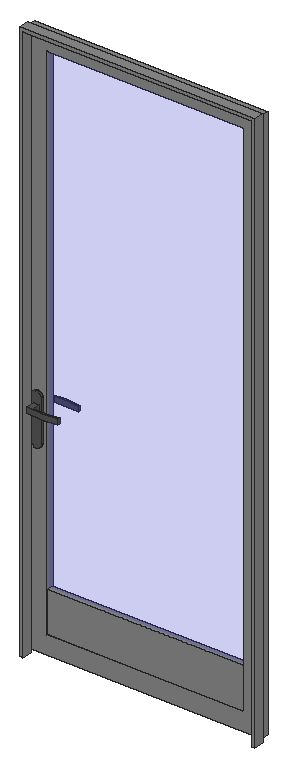
Revit family "Door_Swing Door_The Sliding Door Company_Single Door_Without Casing", category Doors, host Wall, Revit 2019
Family settings
  Host = Wall
  OmniClass Number = 23.30.10.00
  OmniClass Title = Doors
  Always vertical = Yes
  Cut with Voids When Loaded = No
  Shared = No
  Room Calculation Point = No
Parameters (values of type "Single Swing Door without Casing")
  URL = "https://www.slidingdoorco.com"
  Thickness = 1 1/4"  # constant formula
  Top Side Gap = 1/4"  # constant formula
  Swing Angle [instance] = 90.00°
  Stile/Rail = 3"  # constant formula
  Stile, Rail, Door Stop & Kickplate Material [instance] = TSDC - Powder Coat Charcoal Gray
  Round Designer Handle Finish [instance] = TSDC - Handle Black
  Round Designer Handle 12" = not(Lever Set)  # no
  Panel Width = Width - 3/8"  # 39 5/8"
  Panel Height = Height - 7/8"  # 95 1/8"
  Opening Clearance Height = Height - 1" / 2  # 95 1/2"
  Opening Clearance Width = Width - 5" / 8 - 1 7/8"  # 37 1/2"
  Model = "Swing Door without Door Casing"  # constant formula
  Maximum Door Panel Width = "40 inches"  # constant formula
  Maximum Door Panel Height = "108 inches"  # constant formula
  Maximum Door Swing = "120 degress"  # constant formula
  Manufacturer = "The Sliding Door Company"  # constant formula
  Lever Set = yes
  Kickplate = yes
  Lever Handle Finish [instance] = TSDC - Handle Black
  Hinge Side Gap = 1/4"  # constant formula
  Handle Side Gap = 1/8"  # constant formula
  Glass Material [instance] = TSDC - Clear Glass
  Function = Interior
  Frame Projection Ext. = 1"
  Frame Projection Int. = 1"
  Frame Width = 3"
  Height = if(Finished Opening Height > 108 7/8", 108 7/8", Finished Opening Height)  # 96"
  Wall Closure = By host
  Width = if(Finished Opening Width > 40 3/8", 40 3/8", Finished Opening Width)  # 40"
  Fire Rating = "N/A"  # constant formula
  Finished Opening Width = 40"
  Finished Opening Height = 96"
  Description = "Swing Door without Door Casing"  # constant formula
  Contact Information = "https://www.slidingdoorco.com/contact"
  ADA Opening Clearance = "Minimum of 32 inches Opening Clearance"  # constant formula
  Bottom Side Gap = 5/8"  # constant formula
Reference planes (in)
  plane 1 "Center (Front/Back)": y = 0
  plane 2 "Center (Left/Right)": x = 0
  plane 3 "Left": x = -20
  plane 4 "Right": x = 20
  plane 5 "Top": z = 96
  plane 6 "Exterior": y = 3
  plane 7 "Interior": y = -3
  plane 8 "hinge": x = 19.75
  plane 9 "handle": x = -19.875
  plane 10 "top side": z = 95.75
  plane 11 "bottom side": z = 0.625
  plane 12: x = -19.375
  plane 13: x = 18.125
  plane 14: y = 1.375
  plane 15: y = 2.625
  plane 16: z = 36
  plane 17: z = 38
  plane 18: z = 10.625
Forms (in)
  Extrusion 1, solid, material "TSDC - Powder Coat Charcoal Gray" <- "Stile, Rail, Door Stop & Kickplate Material"
    sketch origin (0, 0, 0) x (1, 0, 0) y (0, 0, 1)
      loop
        line (19.75, 95.75) -> (-19.875, 95.75) -> (-19.875, 0.625) -> (19.75, 0.625) -> (19.75, 95.75)
      loop
        line (16.75, 92.75) -> (-16.875, 92.75) -> (-16.875, 3.625) -> (16.75, 3.625) -> (16.75, 92.75)
    from -2.625 to -1.375
  Extrusion 2, solid, material "TSDC - Clear Glass" <- "Glass Material"
    sketch origin (0, 0, 0) x (1, 0, 0) y (0, 0, 1)
      loop
        line (16.75, 92.75) -> (-16.875, 92.75) -> (-16.875, 3.625) -> (16.75, 3.625) -> (16.75, 92.75)
    from -2.125 to -1.9023437
  Sweep 3, solid, not visible
    path origin (0, 0, 0) x (1, 0, 0) y (0, 0, 1)
      loop
        line (-20, 0) -> (-20, 108) -> (16.125, 108) -> (16.125, 0)
    profile origin (-20, 0, 54) x (-1, 0, 0) y (0, -1, 0)
      loop
        line (-0.4350682, -0.2853449) -> (-0.3716442, -0.3219628) -> (-0.3261896, -0.2957196) -> (-0.2788586, -0.3103573) -> (0, -0.3103573) -> (0, 0.9818302) -> (-0.274122, 0.9818302) -> (-0.3244755, 0.9662578) -> (-0.3779955, 0.9923612) -> (-0.4376557, 0.9579164)
        arc (-0.4376557, 0.9579164) -> (-0.4452512, 0.9295695) -> (-0.4169043, 0.921974) r 0.0207514
        line (-0.4169043, 0.921974) -> (-0.3760036, 0.945588) -> (-0.3150881, 0.9104184) -> (-0.2694227, 0.9367833) -> (-0.079, 0.9367833) -> (-0.079, -0.2672636) -> (-0.2694227, -0.2672636) -> (-0.3150881, -0.2408986) -> (-0.3750271, -0.2755044) -> (-0.4157969, -0.2519659)
        arc (-0.4157969, -0.2519659) -> (-0.442122, -0.2590197) -> (-0.4350682, -0.2853449) r 0.0192714
      loop
        arc (-0.3932442, -0.6690036) -> (-0.2465, -0.7110937) -> (-0.0997558, -0.6690036) r 0.2768517
        line (-0.0997558, -0.6690036) -> (-0.0917465, -0.5659293) -> (-0.2465, -0.5190055) -> (-0.4012535, -0.5659293) -> (-0.3932442, -0.6690036)
      loop
        line (-0.3245894, 0.9760109) -> (-0.2695482, 0.9955489) -> (0, 0.9955489) -> (0, 1.0467364) -> (-0.512, 1.0467364) -> (-0.512, -0.4532636) -> (-0.325, -0.4532636) -> (-0.325, -0.4181698) -> (-0.394, -0.4181698) -> (-0.394, -0.3694042) -> (-0.099, -0.3694042) -> (-0.099, -0.4181698) -> (-0.168, -0.4181698) -> (-0.168, -0.4532636) -> (0, -0.4532636) -> (0, -0.3182167) -> (-0.2819282, -0.3182167) -> (-0.3251091, -0.3048624) -> (-0.3657274, -0.3302167) -> (-0.457, -0.3302167) -> (-0.457, 1.0016896) -> (-0.3657275, 1.0016896) -> (-0.3245894, 0.9760109)
      loop
        line (-0.0665, -0.6928078) -> (-0.0546726, -0.5405971) -> (-0.1979034, -0.4971673) -> (-0.1979034, -0.411631) -> (-0.1274176, -0.411631) -> (-0.1274176, -0.3790309) -> (-0.3655824, -0.3790309) -> (-0.3655824, -0.411631) -> (-0.2950966, -0.411631) -> (-0.2950966, -0.4971673) -> (-0.4383274, -0.5405971) -> (-0.4265, -0.6928078)
        arc (-0.4265, -0.6928078) -> (-0.3630851, -0.7351291) -> (-0.2883072, -0.7499888) r 0.1955799
        line (-0.2883072, -0.7499888) -> (-0.2047666, -0.7499888)
        arc (-0.2047666, -0.7499888) -> (-0.1299546, -0.7351296) -> (-0.0665, -0.6928078) r 0.1957584
  Sweep 4, solid, not visible
    path origin (2, 0, 0) x (1, 0, 0) y (0, 0, 1)
      loop
        line (-20, 0) -> (-20, 96) -> (16, 96) -> (16, 0)
    profile origin (-18, 0, 48) x (-1, 0, 0) y (0, -1, 0)
      loop
        line (-0.4350682, -0.2853449) -> (-0.3716442, -0.3219628) -> (-0.3261896, -0.2957196) -> (-0.2788586, -0.3103573) -> (0, -0.3103573) -> (0, 0.9818302) -> (-0.274122, 0.9818302) -> (-0.3244755, 0.9662578) -> (-0.3779955, 0.9923612) -> (-0.4376557, 0.9579164)
        arc (-0.4376557, 0.9579164) -> (-0.4452512, 0.9295695) -> (-0.4169043, 0.921974) r 0.0207514
        line (-0.4169043, 0.921974) -> (-0.3760036, 0.945588) -> (-0.3150881, 0.9104184) -> (-0.2694227, 0.9367833) -> (-0.079, 0.9367833) -> (-0.079, -0.2672636) -> (-0.2694227, -0.2672636) -> (-0.3150881, -0.2408986) -> (-0.3750271, -0.2755044) -> (-0.4157969, -0.2519659)
        arc (-0.4157969, -0.2519659) -> (-0.442122, -0.2590197) -> (-0.4350682, -0.2853449) r 0.0192714
      loop
        arc (-0.3932442, -0.6690036) -> (-0.2465, -0.7110937) -> (-0.0997558, -0.6690036) r 0.2768517
        line (-0.0997558, -0.6690036) -> (-0.0917465, -0.5659293) -> (-0.2465, -0.5190055) -> (-0.4012535, -0.5659293) -> (-0.3932442, -0.6690036)
      loop
        line (-0.3245894, 0.9760109) -> (-0.2695482, 0.9955489) -> (0, 0.9955489) -> (0, 1.0467364) -> (-0.512, 1.0467364) -> (-0.512, -0.4532636) -> (-0.325, -0.4532636) -> (-0.325, -0.4181698) -> (-0.394, -0.4181698) -> (-0.394, -0.3694042) -> (-0.099, -0.3694042) -> (-0.099, -0.4181698) -> (-0.168, -0.4181698) -> (-0.168, -0.4532636) -> (0, -0.4532636) -> (0, -0.3182167) -> (-0.2819282, -0.3182167) -> (-0.3251091, -0.3048624) -> (-0.3657274, -0.3302167) -> (-0.457, -0.3302167) -> (-0.457, 1.0016896) -> (-0.3657275, 1.0016896) -> (-0.3245894, 0.9760109)
      loop
        line (-0.0665, -0.6928078) -> (-0.0546726, -0.5405971) -> (-0.1979034, -0.4971673) -> (-0.1979034, -0.411631) -> (-0.1274176, -0.411631) -> (-0.1274176, -0.3790309) -> (-0.3655824, -0.3790309) -> (-0.3655824, -0.411631) -> (-0.2950966, -0.411631) -> (-0.2950966, -0.4971673) -> (-0.4383274, -0.5405971) -> (-0.4265, -0.6928078)
        arc (-0.4265, -0.6928078) -> (-0.3630851, -0.7351291) -> (-0.2883072, -0.7499888) r 0.1955799
        line (-0.2883072, -0.7499888) -> (-0.2047666, -0.7499888)
        arc (-0.2047666, -0.7499888) -> (-0.1299546, -0.7351296) -> (-0.0665, -0.6928078) r 0.1957584
  Extrusion 5, solid, material "TSDC - Powder Coat Charcoal Gray" <- "Stile, Rail, Door Stop & Kickplate Material"
    sketch origin (0, 0, 0) x (1, 0, 0) y (0, 0, 1)
      loop
        line (-20, 96) -> (-20, 0) -> (-19.5, 0) -> (-19.5, 95.5) -> (19.5, 95.5) -> (19.5, 0) -> (20, 0) -> (20, 96) -> (-20, 96)
    from -1.375 to 0.375
  Extrusion 6, solid, not visible
    sketch origin (0, -1.25, 0) x (1, 0, 0) y (0, 1, 0)
      loop
        line (-18.6875, 2.625) -> (-18.6875, 0.8125)
        arc (-18.6875, 0.8125) -> (-18.375, 1.125) -> (-18.0625, 0.8125) r 0.3125
        line (-18.0625, 0.8125) -> (-18.0625, 2.625) -> (-18.6875, 2.625)
    from 1 to 1.75
  Extrusion 7, solid, not visible
    sketch origin (0, -1.25, 0) x (1, 0, 0) y (0, 1, 0)
      loop
        line (-18.6875, 2.625) -> (-18.6875, 0.8125)
        arc (-18.6875, 0.8125) -> (-18.375, 1.125) -> (-18.0625, 0.8125) r 0.3125
        line (-18.0625, 0.8125) -> (-18.0625, 2.625) -> (-18.6875, 2.625)
    from 10.25 to 11
  Extrusion 8, solid, not visible
    sketch origin (0, 0.0841657, 0) x (1, 0, 0) y (0, 1, 0)
      loop
        circle (-18.3735619, -0.521669) r 0.3125
    from 0 to 12
  Extrusion 9, solid, material "TSDC - Powder Coat Charcoal Gray" <- "Stile, Rail, Door Stop & Kickplate Material", visible <- "Kickplate"
    sketch origin (0, 0, 0) x (1, 0, 0) y (0, 1, 0)
      loop
        line (-16.875, 2.5136719) -> (-16.875, 1.5136719) -> (16.75, 1.5136719) -> (16.75, 2.5136719) -> (-16.875, 2.5136719)
    from 3.625 to 10.625
Lines and regions (in)
  Opening 1
    outline origin (-90, -3, 0) x (1, 0, 0) y (0, 0, 1)
      loop
        line (70, 0) -> (110, 0) -> (110, 96) -> (70, 96) -> (70, 0)
  symbolic lines, style "Elevation Swing"
    curve 1: line (-19.875, 0, 95.75) -> (19.75, 0, 48)
    curve 2: line (19.75, 0, 48) -> (-19.875, 0, 0.625)
Text (in)
  text "Exterior" at (-74.9673292, 27.3110449, 0), in view "Ref. Level"
  text "Interior" at (-74.9673292, -25.1436555, 0), in view "Ref. Level"
  text "Exterior" at (0, 40.1514891, 123.0158834), in view "Right"
  text "Interior" at (0, -64.3913889, 123.0158834), in view "Right"
  text "Interior" at (0, -31.0159946, 123.0069277), in view "Left"
  text "Exterior" at (0, 54.5706505, 123.0069277), in view "Left"
Dimensions and locks (in)
  equal spacing: plane 3 "Left", plane 2 "Center (Left/Right)", plane 4 "Right"
  "Hinge Side Gap": plane 8 "hinge" to plane 4 "Right"
  "Handle Side Gap": plane 3 "Left" to plane 9 "handle"
  "Top Side Gap": plane 10 "top side" to plane 5 "Top"
  "Bottom Side Gap": level to plane 11 "bottom side"
  "Stile/Rail": Extrusion 1 to Extrusion 1  (x4)
  "Height": level to plane 5 "Top"
  locked: Extrusion 1 to Extrusion 1 at 1.25
  "Width": plane 3 "Left" to plane 4 "Right"
  locked: plane 3 "Left" to plane 12 at 0.625
  locked: plane 13 to plane 4 "Right" at 1.875
  locked: plane 14 to plane 6 "Exterior" at 1.625
  Extrusion 5 sketch curve to Extrusion 5 sketch curve = 1/2"  (x3)
  locked: Extrusion 5 to plane 14 at 1.75
  locked: plane 6 "Exterior" to Extrusion 1 at 0.375
  locked: Extrusion 1 to Extrusion 2 at 0.5
  locked: Extrusion 1 to Extrusion 2 at 0.5273438
  equal spacing: level, curve 2, plane 5 "Top"
  locked: Extrusion 1 to nested 2 at 1.5
  locked: plane 15 to plane 6 "Exterior" at 0.375
  locked: Extrusion 1 to nested 3 at 1.5
  locked: plane 16 to level at 36
  locked: Extrusion 1 to nested 6 at 1.5
  locked: Extrusion 1 to nested 7 at 1.5
  locked: plane 17 to level at 38
  locked: plane 18 to plane 11 "bottom side" at 10
  aligned and locked: plane 3 "Left" to Opening 1 sketch curve
  aligned and locked: plane 5 "Top" to Opening 1 sketch curve  (x2)
  aligned and locked: Opening 1 sketch curve to plane 4 "Right"
  aligned and locked: Opening 1 sketch curve to level
  aligned and locked: plane 6 "Exterior" to host wall
  aligned and locked: plane 7 "Interior" to host wall
  aligned and locked: Extrusion 1 sketch curve to plane 10 "top side"
  aligned and locked: plane 8 "hinge" to Extrusion 1 sketch curve
  aligned and locked: plane 11 "bottom side" to Extrusion 1 sketch curve
  aligned and locked: Extrusion 1 sketch curve to plane 9 "handle"
  aligned and locked: Extrusion 2 sketch curve to Extrusion 1  (x4)
  aligned and locked: Extrusion 1 to Extrusion 2  (x2)
  aligned and locked: Extrusion 5 sketch curve to plane 3 "Left"
  aligned and locked: plane 4 "Right" to Extrusion 5 sketch curve
  aligned and locked: plane 5 "Top" to Extrusion 5 sketch curve
  aligned and locked: Extrusion 5 sketch curve to level  (x2)
  aligned and locked: Extrusion 5 to Extrusion 1
  aligned and locked: plane 8 "hinge" to nested 1
  aligned and locked: plane 14 to nested 1
  aligned and locked: nested 2 to plane 14
  aligned and locked: plane 14 to nested 6
  aligned and locked: plane 15 to nested 7
  aligned and locked: plane 18 to Extrusion 9
  aligned and locked: Extrusion 9 to Extrusion 1  (x3)
  aligned and locked: Extrusion 1 to nested 3
Automatic sketch dimensions
  Sweep 3 sketch curve to profile plane = 0"  (x3)
  profile plane to Sweep 3 sketch curve = 7/128"
  profile plane to Sweep 3 sketch curve = 0.0665"
  profile plane to Sweep 3 sketch curve = 0.079"
  Sweep 3 sketch curve to Sweep 3 sketch curve = 0.03707"  (x2)
  profile plane to Sweep 3 sketch curve = 0.099"
  Sweep 3 sketch curve to Sweep 3 sketch curve = 0.03326"  (x2)
  Sweep 3 sketch curve to Sweep 3 sketch curve = 0.02842"  (x2)
  Sweep 3 sketch curve to Sweep 3 sketch curve = 0.04058"  (x2)
  Sweep 3 sketch curve to Sweep 3 sketch curve = 0.0299"  (x2)
  Sweep 3 sketch curve to Sweep 3 sketch curve = 0.0486"  (x3)
  Sweep 3 sketch curve to Sweep 3 sketch curve = 0.07152"
  Sweep 3 sketch curve to Sweep 3 sketch curve = 0.19042"
  Sweep 3 sketch curve to Sweep 3 sketch curve = 0.00013"
  Sweep 3 sketch curve to Sweep 3 sketch curve = 0.00457"
  Sweep 3 sketch curve to Sweep 3 sketch curve = 0.00944"
  Sweep 3 sketch curve to Sweep 3 sketch curve = 0.00307"
  Sweep 3 sketch curve to Sweep 3 sketch curve = 0.04181"
  Sweep 3 sketch curve to Sweep 3 sketch curve = 0.04567"  (x2)
  Sweep 3 sketch curve to Sweep 3 sketch curve = 0.05035"
  Sweep 3 sketch curve to Sweep 3 sketch curve = 0.00011"
  Sweep 3 sketch curve to Sweep 3 sketch curve = 0.04318"
  Sweep 3 sketch curve to Sweep 3 sketch curve = 0.00108"
  Sweep 3 sketch curve to Sweep 3 sketch curve = 0.04062"
  Sweep 3 sketch curve to Sweep 3 sketch curve = 0.04114"
  Sweep 3 sketch curve to Sweep 3 sketch curve = 0.00592"
  Sweep 3 sketch curve to Sweep 3 sketch curve = 0.00338"
  Sweep 3 sketch curve to Sweep 3 sketch curve = 0.05153"
  Sweep 3 sketch curve to Sweep 3 sketch curve = 0.01227"
  Sweep 3 sketch curve to Sweep 3 sketch curve = 0.10494"
  Sweep 3 sketch curve to Sweep 3 sketch curve = 0.00801"
  Sweep 3 sketch curve to Sweep 3 sketch curve = 0.04077"
  Sweep 3 sketch curve to Sweep 3 sketch curve = 0.0409"
  Sweep 3 sketch curve to Sweep 3 sketch curve = 0.00964"  (x2)
  Sweep 3 sketch curve to Sweep 3 sketch curve = 0.01038"  (x2)
  Sweep 3 sketch curve to Sweep 3 sketch curve = 0.02193"
  Sweep 3 sketch curve to Sweep 3 sketch curve = 0.07367"
  Sweep 3 sketch curve to Sweep 3 sketch curve = 1.16238"
  Sweep 3 sketch curve to Sweep 3 sketch curve = 0.0153"
  Sweep 3 sketch curve to Sweep 3 sketch curve = 0.01669"
  Sweep 3 sketch curve to Sweep 3 sketch curve = 0.02354"
  Sweep 3 sketch curve to Sweep 3 sketch curve = 0.02022"
  Sweep 3 sketch curve to Sweep 3 sketch curve = 0.00914"
  Sweep 3 sketch curve to Sweep 3 sketch curve = 0.04309"
  Sweep 3 sketch curve to Sweep 3 sketch curve = 0.00786"
  Sweep 3 sketch curve to Sweep 3 sketch curve = 0.04646"
  Sweep 3 sketch curve to Sweep 3 sketch curve = 0.04487"
  Sweep 3 sketch curve to Sweep 3 sketch curve = 0.10214"
  Sweep 3 sketch curve to Sweep 3 sketch curve = 0.00963"
  Sweep 3 sketch curve to Sweep 3 sketch curve = 0.0326"  (x2)
  Sweep 3 sketch curve to Sweep 3 sketch curve = 0.00654"  (x2)
  Sweep 3 sketch curve to Sweep 3 sketch curve = 0.02261"
  Sweep 3 sketch curve to Sweep 3 sketch curve = 0.03509"  (x2)
  Sweep 3 sketch curve to Sweep 3 sketch curve = 0.0439"  (x2)
  Sweep 3 sketch curve to Sweep 3 sketch curve = 0.02184"
  Sweep 3 sketch curve to Sweep 3 sketch curve = 0.08733"  (x2)
  Sweep 3 sketch curve to Sweep 3 sketch curve = 0.03522"
  Sweep 3 sketch curve to Sweep 3 sketch curve = 0.0354"
  Sweep 3 sketch curve to Sweep 3 sketch curve = 0.02533"  (x2)
  Sweep 3 sketch curve to Sweep 3 sketch curve = 0.10307"
  Sweep 3 sketch curve to Sweep 3 sketch curve = 0.0238"  (x2)
  Sweep 3 sketch curve to Sweep 3 sketch curve = 0.02636"  (x2)
  Sweep 3 sketch curve to profile plane = 3/4"
  profile plane to Sweep 3 sketch curve = 0.92197"
  Sweep 3 sketch curve to Sweep 3 sketch curve = 0.01797"
  Sweep 3 sketch curve to Sweep 3 sketch curve = 0.02361"
  profile plane to Sweep 3 sketch curve = 0.96626"
  Sweep 3 sketch curve to Sweep 3 sketch curve = 0.00975"
  profile plane to Sweep 3 sketch curve = 0.98183"
  profile plane to Sweep 3 sketch curve = 0.99236"
  profile plane to Sweep 3 sketch curve = 0.99555"
  profile plane to Sweep 3 sketch curve = 1.00169"
  profile plane to Sweep 3 sketch curve = 1.04674"
  Sweep 3 sketch curve to Sweep 3 sketch curve = 36 1/8"
  Sweep 3 sketch curve to Sweep 3 sketch curve = 108"
  Sweep 3 sketch curve to Sweep 3 sketch curve = 0"
  Sweep 4 sketch curve to profile plane = 0"  (x3)
  profile plane to Sweep 4 sketch curve = 7/128"
  profile plane to Sweep 4 sketch curve = 0.0665"
  profile plane to Sweep 4 sketch curve = 0.079"
  Sweep 4 sketch curve to Sweep 4 sketch curve = 0.03707"  (x2)
  profile plane to Sweep 4 sketch curve = 0.099"
  Sweep 4 sketch curve to Sweep 4 sketch curve = 0.03326"  (x2)
  Sweep 4 sketch curve to Sweep 4 sketch curve = 0.02842"  (x2)
  Sweep 4 sketch curve to Sweep 4 sketch curve = 0.04058"  (x2)
  Sweep 4 sketch curve to Sweep 4 sketch curve = 0.0299"  (x2)
  Sweep 4 sketch curve to Sweep 4 sketch curve = 0.0486"  (x3)
  Sweep 4 sketch curve to Sweep 4 sketch curve = 0.07152"
  Sweep 4 sketch curve to Sweep 4 sketch curve = 0.19042"
  Sweep 4 sketch curve to Sweep 4 sketch curve = 0.00013"
  Sweep 4 sketch curve to Sweep 4 sketch curve = 0.00457"
  Sweep 4 sketch curve to Sweep 4 sketch curve = 0.00944"
  Sweep 4 sketch curve to Sweep 4 sketch curve = 0.00307"
  Sweep 4 sketch curve to Sweep 4 sketch curve = 0.04181"
  Sweep 4 sketch curve to Sweep 4 sketch curve = 0.04567"  (x2)
  Sweep 4 sketch curve to Sweep 4 sketch curve = 0.05035"
  Sweep 4 sketch curve to Sweep 4 sketch curve = 0.00011"
  Sweep 4 sketch curve to Sweep 4 sketch curve = 0.04318"
  Sweep 4 sketch curve to Sweep 4 sketch curve = 0.00108"
  Sweep 4 sketch curve to Sweep 4 sketch curve = 0.04062"
  Sweep 4 sketch curve to Sweep 4 sketch curve = 0.04114"
  Sweep 4 sketch curve to Sweep 4 sketch curve = 0.00592"
  Sweep 4 sketch curve to Sweep 4 sketch curve = 0.00338"
  Sweep 4 sketch curve to Sweep 4 sketch curve = 0.05153"
  Sweep 4 sketch curve to Sweep 4 sketch curve = 0.01227"
  Sweep 4 sketch curve to Sweep 4 sketch curve = 0.10494"
  Sweep 4 sketch curve to Sweep 4 sketch curve = 0.00801"
  Sweep 4 sketch curve to Sweep 4 sketch curve = 0.04077"
  Sweep 4 sketch curve to Sweep 4 sketch curve = 0.0409"
  Sweep 4 sketch curve to Sweep 4 sketch curve = 0.00964"  (x2)
  Sweep 4 sketch curve to Sweep 4 sketch curve = 0.01038"  (x2)
  Sweep 4 sketch curve to Sweep 4 sketch curve = 0.02193"
  Sweep 4 sketch curve to Sweep 4 sketch curve = 0.07367"
  Sweep 4 sketch curve to Sweep 4 sketch curve = 1.16238"
  Sweep 4 sketch curve to Sweep 4 sketch curve = 0.0153"
  Sweep 4 sketch curve to Sweep 4 sketch curve = 0.01669"
  Sweep 4 sketch curve to Sweep 4 sketch curve = 0.02354"
  Sweep 4 sketch curve to Sweep 4 sketch curve = 0.02022"
  Sweep 4 sketch curve to Sweep 4 sketch curve = 0.00914"
  Sweep 4 sketch curve to Sweep 4 sketch curve = 0.04309"
  Sweep 4 sketch curve to Sweep 4 sketch curve = 0.00786"
  Sweep 4 sketch curve to Sweep 4 sketch curve = 0.04646"
  Sweep 4 sketch curve to Sweep 4 sketch curve = 0.04487"
  Sweep 4 sketch curve to Sweep 4 sketch curve = 0.10214"
  Sweep 4 sketch curve to Sweep 4 sketch curve = 0.00963"
  Sweep 4 sketch curve to Sweep 4 sketch curve = 0.0326"  (x2)
  Sweep 4 sketch curve to Sweep 4 sketch curve = 0.00654"  (x2)
  Sweep 4 sketch curve to Sweep 4 sketch curve = 0.02261"
  Sweep 4 sketch curve to Sweep 4 sketch curve = 0.03509"  (x2)
  Sweep 4 sketch curve to Sweep 4 sketch curve = 0.0439"  (x2)
  Sweep 4 sketch curve to Sweep 4 sketch curve = 0.02184"
  Sweep 4 sketch curve to Sweep 4 sketch curve = 0.08733"  (x2)
  Sweep 4 sketch curve to Sweep 4 sketch curve = 0.03522"
  Sweep 4 sketch curve to Sweep 4 sketch curve = 0.0354"
  Sweep 4 sketch curve to Sweep 4 sketch curve = 0.02533"  (x2)
  Sweep 4 sketch curve to Sweep 4 sketch curve = 0.10307"
  Sweep 4 sketch curve to Sweep 4 sketch curve = 0.0238"  (x2)
  Sweep 4 sketch curve to Sweep 4 sketch curve = 0.02636"  (x2)
  Sweep 4 sketch curve to profile plane = 3/4"
  profile plane to Sweep 4 sketch curve = 0.92197"
  Sweep 4 sketch curve to Sweep 4 sketch curve = 0.01797"
  Sweep 4 sketch curve to Sweep 4 sketch curve = 0.02361"
  profile plane to Sweep 4 sketch curve = 0.96626"
  Sweep 4 sketch curve to Sweep 4 sketch curve = 0.00975"
  profile plane to Sweep 4 sketch curve = 0.98183"
  profile plane to Sweep 4 sketch curve = 0.99236"
  profile plane to Sweep 4 sketch curve = 0.99555"
  profile plane to Sweep 4 sketch curve = 1.00169"
  profile plane to Sweep 4 sketch curve = 1.04674"
  Sweep 4 sketch curve to Sweep 4 sketch curve = 36"
  Sweep 4 sketch curve to Sweep 4 sketch curve = 96"
  Sweep 4 sketch curve to Sweep 4 sketch curve = 0"
  plane 12 to Extrusion 1 sketch curve = 2 1/2"
  Extrusion 1 sketch curve to plane 13 = 1 3/8"
  Extrusion 1 sketch curve to plane 11 "bottom side" = 3"
  plane 10 "top side" to Extrusion 1 sketch curve = 3"
  plane 12 to Extrusion 2 sketch curve = 2 1/2"
  Extrusion 6 sketch curve to Extrusion 6 sketch curve = 5/16"
  Extrusion 7 sketch curve to Extrusion 7 sketch curve = 5/16"
  Extrusion 6 sketch curve to Extrusion 6 sketch curve = 1 13/16"
  Extrusion 7 sketch curve to Extrusion 7 sketch curve = 1 13/16"
  Extrusion 9 sketch curve to plane 14 = 0.13867"
  plane 12 to Extrusion 9 sketch curve = 2 1/2"
  plane 15 to Extrusion 9 sketch curve = 0.11133"
  Extrusion 9 sketch curve to plane 13 = 1 3/8"
  curve 2 to plane 9 "handle" = 0"
  curve 1 to plane 9 "handle" = 0"
  curve 2 to plane 8 "hinge" = 0"
  curve 2 to plane 11 "bottom side" = 0"
  curve 1 to plane 10 "top side" = 0"
  radius of Extrusion 8 sketch curve = 5/16"
Nested families (in)
  nested 1: "SD Single Door Plan Swing" at (19.75, 1.375, 0), Swing Angle <- "Swing Angle", type "SD Single Door Plan Swing"
    with Swing Angle 90.00°, Actual Angle 90.00°, Width 39 5/8"
  nested 2: "Round Designer Handle 12 inches" at (-18.375, -0.75, 30), visible <- "Round Designer Handle 12"", Round Designer Handle Finish <- "Round Designer Handle Finish", type "Round Designer Handle 12 inches"
    with Round Designer Handle Finish TSDC - Handle Black
  nested 3: "Round Designer Handle 12 inches" at (-18.375, 4.75, 30), visible <- "Round Designer Handle 12"", Round Designer Handle Finish <- "Round Designer Handle Finish", type "Round Designer Handle 12 inches"
    with Round Designer Handle Finish TSDC - Handle Black
  nested 4: "Round Designer Handle 12 inches" at (-18.375, -0.75, 30), type "Round Designer Handle 12 inches", not visible
  nested 5: "Round Designer Handle 12 inches" at (-18.375, 4.75, 30), type "Round Designer Handle 12 inches", not visible
  nested 6: "Lever Set" at (-18.375, 1.375, 31.6875), visible <- "Lever Set", Lever Handle Finish <- "Lever Handle Finish", type "Lever Set"
    with Lever Handle Finish TSDC - Handle Black
  nested 7: "Lever Set" at (-18.375, 2.625, 31.6875), visible <- "Lever Set", Lever Handle Finish <- "Lever Handle Finish", type "Lever Set"
    with Lever Handle Finish TSDC - Handle Black
Definition of nested family "Round Designer Handle 12 inches"
  Parameters (values of type "Round Designer Handle 12 inches")
    Round Designer Handle Finish [instance] = none
  Reference planes (in)
    plane 1 "Center (Front/Back)": y = 0
    plane 2: z = 0
    plane 3 "Center (Left/Right)": x = 0
  Forms (in)
    Extrusion 1, solid, material <- "Round Designer Handle Finish"
      sketch origin (0, -2.669818, 0) x (1, 0, 0) y (0, 1, 0)
        loop
          circle (0, 2.982318) r 0.3125
      from 0 to 12
    Extrusion 2, solid, material <- "Round Designer Handle Finish"
      sketch origin (0, 0, 0) x (1, 0, 0) y (0, 0, 1)
        loop
          circle (0, 10.5) r 0.3125
      from -2.125 to -0.3125
    Extrusion 3, solid, material <- "Round Designer Handle Finish"
      sketch origin (0, 0, -9) x (1, 0, 0) y (0, 0, 1)
        loop
          circle (0, 10.5) r 0.3125
      from -2.125 to -0.3125
  Lines and regions (in)
    symbolic lines
      curve 1: line (-0.3125, 0.3125, 0) -> (-0.3125, 2.125, 0)
  Dimensions and locks (in)
    aligned and locked: plane 2 to level
Definition of nested family "Lever Set"
  Parameters (values of type "Lever Set")
    Lever Handle Finish [instance] = none
  Reference planes (in)
    plane 1 "Center (Front/Back)": y = 0
    plane 2: z = 0
    plane 3 "Center (Left/Right)": x = 0
  Forms (in)
    Extrusion 1, solid, material <- "Lever Handle Finish"
      sketch origin (0, 0, 0) x (1, 0, 0) y (0, 0, 1)
        loop
          arc (-0.8125, 0.8125) -> (0, 0) -> (0.8125, 0.8125) r 0.8125
          line (0.8125, 0.8125) -> (0.8125, 7.9375)
          arc (0.8125, 7.9375) -> (0, 8.75) -> (-0.8125, 7.9375) r 0.8125
          line (-0.8125, 7.9375) -> (-0.8125, 0.8125)
      from 0 to 0.25
    Extrusion 2, solid, material <- "Lever Handle Finish"
      sketch origin (0, 0, 0) x (1, 0, 0) y (0, 1, 0)
        loop
          line (-0.4375, -0.25) -> (-0.4375, -1.75)
          arc (-0.4375, -1.75) -> (2.1875, -1.9875054) -> (4.8125, -1.75) r 14.625
          line (4.8125, -1.75) -> (4.8125, -1.375)
          arc (4.8125, -1.375) -> (2.6298277, -1.6064709) -> (0.4375, -1.5) r 14.25
          line (0.4375, -1.5) -> (0.4375, -0.25) -> (-0.4375, -0.25)
      from 5.875 to 6.75
  Dimensions and locks (in)
    aligned and locked: plane 2 to level
Definition of nested family "SD Single Door Plan Swing"
  Parameters (values of type "SD Single Door Plan Swing")
    Width = 39.25099"
    Thickness = 1 1/4"
    Swing Angle [instance] = 45.00°
    Actual Angle [instance] = if(Swing Angle < 1.00°, 1.00°, Swing Angle)  # 45.00°
  Reference planes (in)
    plane 1 "Center (Front/Back)": y = 0
    plane 2: z = 0
    plane 3 "Center (Left/Right)": x = 0
    plane 4: x = -39.2509882
  Lines and regions (in)
    Masking region 1
      outline origin (0, 0, 0) x (1, 0, 0) y (0, 1, 0)
        loop
          line (-28.6385234, 26.8707565) -> (-0.8838835, -0.8838835) -> (0, 0) -> (-27.7546399, 27.7546399) -> (-28.6385234, 26.8707565)
    reference lines
      curve 1: line (0, 0, 0) -> (-27.7546399, 27.7546399, 0)
      curve 2: line (-27.7546399, 27.7546399, 0) -> (-28.6385234, 26.8707565, 0)
      curve 3: line (-28.6385234, 26.8707565, 0) -> (-0.8838835, -0.8838835, 0)
      curve 4: line (-0.8838835, -0.8838835, 0) -> (0, 0, 0)
    symbolic lines
      curve 5: arc (-39.2509882, 0, 0) -> (-36.2631846, 15.0207029, 0) -> (-27.7546399, 27.7546399, 0) r 39.2509882
  Dimensions and locks (in)
    "Width": plane 4 to plane 3 "Center (Left/Right)"
    "Width": curve 1 to curve 1
    "Thickness": curve 1 to curve 3
    "Width": radius of curve 5
    "Actual Angle": angle curve 1 to plane 1 "Center (Front/Back)"
    locked: curve 1 to curve 4 (angle 90.00°)
    locked: curve 4 to curve 3 (angle 90.00°)
    locked: curve 3 to curve 2 (angle 90.00°)
    "Actual Angle": angle curve 5 to curve 5
    aligned and locked: plane 2 to level
    aligned and locked: plane 1 "Center (Front/Back)" to curve 1
    aligned and locked: plane 3 "Center (Left/Right)" to curve 1
    aligned and locked: Masking region 1 sketch curve to curve 3
    aligned and locked: Masking region 1 sketch curve to curve 2
    aligned and locked: Masking region 1 sketch curve to curve 4
    aligned and locked: Masking region 1 sketch curve to curve 1
    aligned and locked: plane 3 "Center (Left/Right)" to curve 5
    aligned and locked: plane 1 "Center (Front/Back)" to curve 5  (x2)
